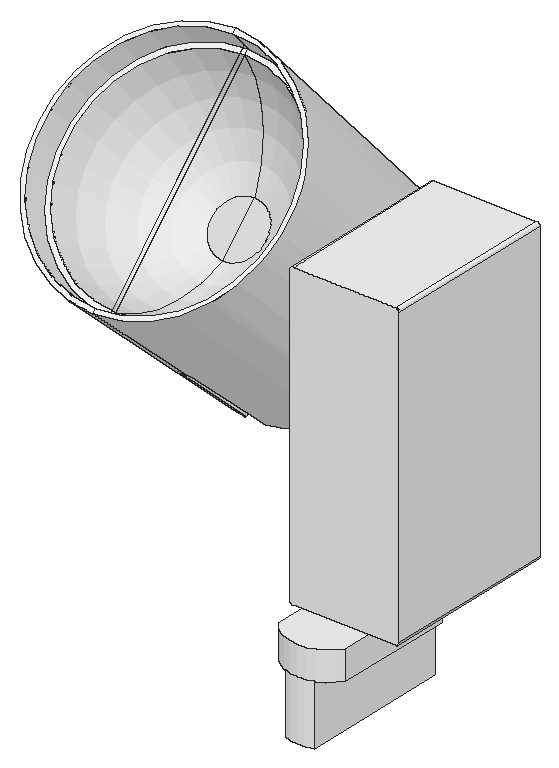
Revit family "0004868 Feilo Sylvania Lighting Fixture START TRACK SPOT L 55W 3K RA90 NB WHITE", category Lighting Fixtures, host Face, Revit 2017 (continued)
Definition of nested family "Start Track Spot Head"
  Types (96, lengths in mm): name | Wattage | built-in parameter 1150134 | Photometric Web File | Model | built-in parameter 1150105 | Lumens | built-in parameter 1150107 | built-in parameter 1150106 | HeadThickness_FEILO | HeadRibOffset_FEILO | HeadRibDepth_FEILO | HeadRibCutWidth_FEILO | HeadRibCutOffset_FEILO | HeadReflectorRadius_FEILO | HeadReflectorOffset_FEILO | HeadLEDRadius_FEILO | HeadHeight_FEILO | HeadDiffusorOffset_FEILO | HeadDiaOut_FEILO | HeadDiaIn_FEILO | HeadAxisFromTop_FEILO | Emit from Circle Diameter | built-in parameter 1150104 | Description | Apparent Load
    0004812 START TRACK SPOT S 14W 3K RA80 MB WHITE | 14 W | (empty or 0) | "0004812.ies" | "START TRACK SPOT S 14W 3K RA80 MB WHITE" | 120.32 (stored number, unit not read) | 1512 lm | 3000 (stored number, unit not read) | 1.2032 (stored number, unit not read) | 1.5 | 4.179 | 55.714 | 7.167 | 50.87 | 50.588 | 55.714 | 9.556 | 117 | 9.435 | 86 | 77.477 | 69.354 | 77.477 | 10.034 (stored number, unit not read) | "Integrated LED spotlight, Textured White - RAL9016, compact and minimalist design, ideal for retail applications, die-cast aluminium body, passive cooling heatsink. Beam angle: 36°, color temperature: 3000K , total system power: 14W, total fixture output: 1508 lm, LOR: 100%, colour rendering: Ra: 80 typical, LED Chromaticity: 3 step MacAdam ellipse, lifetime: >50000 hours at L70B50, energy class: A++, A+, A, IR/UV free light source without heat radiation, operating voltage: 220-240V / 50-60Hz, drive current: 350mA, electronic driver, non-dimmable, power factor: 0.92, electrical protection: Class II, Global Track 3 Phase adapter suitable for Global trac 3-circuit tracks, ingress protection rating: IP20, suitable for internal environment only, horizontal rotation: 355°, vertical tilt: 90°, dimensions: Ø86x140x200, weight: 0.940kg." | 14 VA
    0004811 START TRACK SPOT S 14W 3K RA80 NB WHITE | 14 W | (empty or 0) | "0004811.ies" | "START TRACK SPOT S 14W 3K RA80 NB WHITE" | 123.66 (stored number, unit not read) | 1554 lm | 3000 (stored number, unit not read) | 1.2366 (stored number, unit not read) | 1.5 | 4.179 | 55.714 | 7.167 | 50.87 | 50.588 | 55.714 | 9.556 | 117 | 9.435 | 86 | 77.477 | 69.354 | 77.477 | 10.312 (stored number, unit not read) | "Integrated LED spotlight, Textured White - RAL9016, compact and minimalist design, ideal for retail applications, die-cast aluminium body, passive cooling heatsink. Beam angle: 12°, color temperature: 3000K , total system power: 14W, total fixture output: 1551 lm, LOR: 100%, colour rendering: Ra: 80 typical, LED Chromaticity: 3 step MacAdam ellipse, lifetime: >50000 hours at L70B50, energy class: A++, A+, A, IR/UV free light source without heat radiation, operating voltage: 220-240V / 50-60Hz, drive current: 350mA, electronic driver, non-dimmable, power factor: 0.92, electrical protection: Class II, Global Track 3 Phase adapter suitable for Global trac 3-circuit tracks, ingress protection rating: IP20, suitable for internal environment only, horizontal rotation: 355°, vertical tilt: 90°, dimensions: Ø86x140x200, weight: 0.940kg." | 14 VA
  Reference planes
    plane 1 "Center (Front/Back)": y = 0
    plane 2: z = 0
    plane 3 "Center (Left/Right)": x = 0
    plane 4: x = 43
    plane 5: x = -43
    plane 6: x = -38.739
    plane 7: x = 38.739
    plane 8: z = 69.354
    plane 9: z = -47.646
    plane 10: x = -41.5
    plane 11: x = -37.239
    plane 12: z = -38.211
    plane 13: z = -35.211
    plane 14: z = 8.068
    plane 15: x = -9.556
    plane 16: x = -28.667
    plane 17: x = -19.111
    plane 18: x = -27.167
    plane 19: x = -17.611
    plane 20: x = -8.056
    plane 21: z = 13.64
    plane 22: x = -29.667
    plane 23: x = -26.167
    plane 24: x = -20.111
    plane 25: x = -16.611
    plane 26: x = -10.556
    plane 27: x = -7.056
    plane 28: x = -36.239
    plane 29: x = -40.5
    plane 30: z = 65.175
    plane 31: z = 60.997
    plane 32: z = 56.818
    plane 33: z = 18.484
    plane 34: y = -43
    plane 35: y = 43
    plane 36: y = 3.583
    plane 37: y = -3.583
    plane 38: y = -2.583
    plane 39: y = 2.583
    plane 40: y = 46
    plane 41: z = 13.5
    plane 42: z = -13.5
    plane 43: y = 39
    plane 44: x = 4.708
    plane 45: x = -2.458
    plane 46: x = -1.458
    plane 47: x = 1.458
  Forms (mm)
    Extrusion 1, solid
      sketch origin (4.2, 0, 0) x (1, 0, 0) y (0, 1, 0)
        loop
          line (-1219.2, 1219.2) -> (-1219.2, -1219.2) -> (1219.2, -1219.2) -> (1219.2, 1219.2) -> (-1219.2, 1219.2)
      from 0 to -68.017
    Revolve 2, solid, material <- "Material_1_FEILO", detail levels medium+fine
      sketch origin (0, 0, 0) x (1, 0, 0) y (0, 0, 1)
        loop
          line (-43, -47.646) -> (-41.5, -47.646) -> (-40.5, -35.211) -> (-38.739, -35.211)
          arc (-38.739, -35.211) -> (-30.16, -9.517) -> (-9.556, 8.068) r 50.588
          line (-9.556, 8.068) -> (0, 8.068) -> (0, 13.64) -> (-16.611, 13.64) -> (-17.611, 60.997) -> (-19.111, 60.997) -> (-20.111, 13.64) -> (-36.239, 13.64) -> (-37.239, 69.354) -> (-38.739, 69.354) -> (-43, -47.646)
        axis (0, 69.354) -> (0, -47.646)
      angle from 360 to 0
    Extrusion 3, void
      sketch origin (0, 0, 0) x (0, 1, 0) y (0, 0, 1)
        loop
          line (-3.583, 69.354) -> (-2.583, 18.484) -> (1.932, 18.484) -> (2.932, 69.354) -> (-3.583, 69.354)
      from 43 to -43
    Revolve 4, solid, material <- "Material_2_FEILO", detail levels medium+fine
      sketch origin (0, 0, 0) x (1, 0, 0) y (0, 0, 1)
        loop
          line (-41.5, -38.211) -> (0, -38.211) -> (0, -35.211) -> (-41.5, -35.211) -> (-41.5, -38.211)
        axis (0, -35.211) -> (0, -38.211)
      angle from 360 to 0
    Revolve 5, solid, material <- "Material_1_FEILO"
      sketch origin (0, 0, 0) x (0, 1, 0) y (0, 0, 1)
        loop
          line (46, 0) -> (39, 0) -> (39, -13.5) -> (46, -13.5) -> (46, 0)
        axis (39, 0) -> (46, 0)
      angle from 360 to 0
    Revolve 6, solid, material <- "Material_1_FEILO", detail levels medium+fine
      sketch origin (0, 0, 0) x (1, 0, 0) y (0, 0, 1)
        loop
          line (-29.667, 13.64) -> (-26.167, 13.64) -> (-27.167, 65.175) -> (-28.667, 65.175) -> (-29.667, 13.64)
        loop
          line (-10.556, 13.64) -> (-7.056, 13.64) -> (-7.833, 56.818) -> (-9.778, 56.818) -> (-10.556, 13.64)
        axis (0, 65.175) -> (0, 13.64)
      angle from 360 to 0
    Extrusion 7, void
      sketch origin (0, 0, 0) x (1, 0, 0) y (0, 0, 1)
        loop
          line (4.708, 69.354) -> (-2.458, 69.354) -> (-1.458, 13.64) -> (1.458, 13.64) -> (4.708, 69.354)
      from -43 to 43
    Revolve 8, solid, material <- "Material_1_FEILO", detail levels coarse
      sketch origin (0, 0, 0) x (1, 0, 0) y (0, 0, 1)
        loop
          line (0, 69.354) -> (-38.739, 69.354) -> (-43, -47.646) -> (-41.5, -47.646) -> (-40.731, -38.211) -> (0, -38.211) -> (0, 69.354)
        axis (0, 69.354) -> (0, -47.646)
      angle from 360 to 0
  Cuts and joins
    Extrusion 3 cuts Revolve 2
    Extrusion 7 cuts Revolve 6
  Dimensions and locks
    equal spacing: plane 7, plane 3 "Center (Left/Right)", plane 6
    equal spacing: plane 4, plane 3 "Center (Left/Right)", plane 5
    "HeadDiaOut_FEILO": plane 4 to plane 5
    "HeadDiaIn_FEILO": plane 7 to plane 6
    "HeadHeight_FEILO": plane 8 to plane 9
    "HeadThickness_FEILO": plane 10 to plane 5
    "HeadThickness_FEILO": plane 11 to plane 6
    "HeadDiffusorOffset_FEILO": plane 12 to plane 9
    "HeadDiffusorThickness_FEILO": plane 13 to plane 12
    "HeadReflectorOffset_FEILO": plane 14 to plane 9
    "HeadLEDRadius_FEILO": plane 3 "Center (Left/Right)" to plane 15
    "HeadLEDRadius_FEILO": plane 15 to plane 17
    "HeadLEDRadius_FEILO": plane 17 to plane 16
    "HeadThickness_FEILO": plane 18 to plane 16
    "HeadThickness_FEILO": plane 19 to plane 17
    "HeadThickness_FEILO": plane 20 to plane 15
    "HeadRibDepth_FEILO": plane 8 to plane 21
    "HeadDraft_FEILO": plane 16 to plane 22
    "HeadDraft_FEILO": plane 23 to plane 18
    "HeadDraft_FEILO": plane 17 to plane 24
    "HeadDraft_FEILO": plane 25 to plane 19
    "HeadDraft_FEILO": plane 15 to plane 26
    "HeadDraft_FEILO": plane 27 to plane 20
    "HeadDraft_FEILO": plane 29 to plane 10
    "HeadDraft_FEILO": plane 28 to plane 11
    "HeadRibOffset_FEILO": plane 8 to plane 30
    "HeadRibOffset_FEILO": plane 30 to plane 31
    "HeadRibOffset_FEILO": plane 31 to plane 32
    "HeadAxisFromTop_FEILO": plane 8 to plane 2
    "HeadRibCutOffset_FEILO": plane 8 to plane 33
    equal spacing: plane 34, plane 1 "Center (Front/Back)", plane 35
    "HeadDiaOut_FEILO": plane 34 to plane 35
    equal spacing: plane 38, plane 1 "Center (Front/Back)", plane 39
    equal spacing: plane 37, plane 1 "Center (Front/Back)", plane 36
    "HeadRibCutWidth_FEILO": plane 37 to plane 36
    "HeadDraft_FEILO": plane 37 to plane 38
    locked: plane 35 to plane 40 at 3
    equal spacing: plane 41, plane 2, plane 42
    locked: plane 42 to plane 41 at 27
    locked: plane 43 to plane 35 at 4
    equal spacing: plane 45, imposter light, plane 44
    "HeadDraft_FEILO": plane 46 to plane 45
    "HeadRibCutWidth_FEILO": plane 44 to plane 45
    equal spacing: plane 47, plane 3 "Center (Left/Right)", plane 46
    "HeadReflectorRadius_FEILO": radius of Revolve 2 sketch curve
    aligned and locked: plane 2 to Extrusion 1
    aligned and locked: level to Extrusion 1
    aligned and locked: Revolve 2 sketch curve to plane 3 "Center (Left/Right)"  (x2)
    aligned and locked: plane 9 to Revolve 2 sketch curve  (x2)
    aligned and locked: plane 5 to Revolve 2 sketch curve
    aligned and locked: plane 10 to Revolve 2 sketch curve
    aligned and locked: plane 14 to Revolve 2 sketch curve
    aligned and locked: plane 8 to Revolve 2 sketch curve
    aligned and locked: Revolve 2 sketch curve to plane 13
    aligned and locked: plane 12 to Revolve 4 sketch curve
    aligned and locked: plane 3 "Center (Left/Right)" to Revolve 4 sketch curve
    aligned and locked: Revolve 4 sketch curve to plane 10
    aligned and locked: Revolve 4 sketch curve to plane 3 "Center (Left/Right)"
    aligned and locked: plane 12 to imposter light
    aligned and locked: imposter light to plane 1 "Center (Front/Back)"
    aligned and locked: Revolve 5 sketch curve to plane 2
    aligned and locked: plane 43 to Revolve 5 sketch curve
    aligned and locked: plane 42 to Revolve 5 sketch curve
    aligned and locked: Revolve 6 sketch curve to plane 3 "Center (Left/Right)"
    aligned and locked: plane 22 to Revolve 6 sketch curve
    aligned and locked: plane 30 to Revolve 6 sketch curve
    aligned and locked: plane 23 to Revolve 6 sketch curve
    aligned and locked: Revolve 6 sketch curve to plane 21  (x2)
    aligned and locked: plane 21 to Revolve 6 sketch curve
    aligned and locked: plane 17 to Revolve 2 sketch curve
    aligned and locked: plane 19 to Revolve 2 sketch curve
    aligned and locked: plane 31 to Revolve 2 sketch curve
    aligned and locked: plane 21 to Revolve 2 sketch curve
    aligned and locked: Extrusion 3 to plane 8
    aligned and locked: plane 33 to Extrusion 3
    aligned and locked: plane 8 to Extrusion 3 sketch curve
    aligned and locked: Extrusion 3 sketch curve to plane 33
    aligned and locked: Extrusion 3 to plane 5
    aligned and locked: plane 4 to Extrusion 3
    aligned and locked: plane 32 to Revolve 6 sketch curve
    aligned and locked: plane 44 to Extrusion 7 sketch curve
    aligned and locked: Extrusion 7 sketch curve to plane 8
    aligned and locked: plane 46 to Extrusion 7 sketch curve
    aligned and locked: plane 21 to Extrusion 7 sketch curve
    aligned and locked: plane 34 to Extrusion 7
    aligned and locked: Extrusion 7 to plane 35
    aligned and locked: Revolve 4 sketch curve to plane 13
    aligned and locked: Revolve 5 sketch curve to plane 40
    aligned and locked: Revolve 8 sketch curve to plane 3 "Center (Left/Right)"
    aligned and locked: Revolve 8 sketch curve to cut or joined group of Revolve 2, Extrusion 3  (x3)
    aligned and locked: plane 5 to Revolve 8 sketch curve
    aligned and locked: plane 3 "Center (Left/Right)" to Revolve 8 sketch curve
    aligned and locked: plane 12 to Revolve 8 sketch curve
  Automatic sketch dimensions
    Extrusion 1 sketch curve to Extrusion 1 sketch curve = 2438.4 mm  (x2)
    Extrusion 3 sketch curve to plane 37 = 0 mm
    Extrusion 3 sketch curve to plane 38 = 0 mm
    plane 39 to Extrusion 3 sketch curve = 0.651 mm
    Extrusion 3 sketch curve to plane 39 = 0.349 mm
    Revolve 6 sketch curve to plane 16 = 0 mm
    Revolve 6 sketch curve to plane 18 = 0 mm
    Revolve 6 sketch curve to plane 26 = 0 mm
    Revolve 6 sketch curve to plane 27 = 0 mm
    Revolve 6 sketch curve to plane 15 = 0.222 mm
    plane 9 to Revolve 6 sketch curve = 559.103 mm
    Revolve 6 sketch curve to plane 8 = 2535.555 mm
    plane 20 to Revolve 6 sketch curve = 0.222 mm
    Revolve 2 sketch curve to plane 29 = 0 mm
    Revolve 2 sketch curve to plane 6 = 0 mm  (x2)
    Revolve 2 sketch curve to plane 11 = 0 mm
    Revolve 2 sketch curve to plane 21 = 0 mm
    Revolve 2 sketch curve to plane 28 = 0 mm
    Revolve 2 sketch curve to plane 24 = 0 mm
    Revolve 2 sketch curve to plane 25 = 0 mm
    Revolve 2 sketch curve to plane 15 = 0 mm
    Revolve 2 sketch curve to Revolve 2 sketch curve = 557.155 mm
    Revolve 2 sketch curve to plane 8 = 2535.558 mm
    Extrusion 7 sketch curve to plane 45 = 0 mm
    Extrusion 7 sketch curve to plane 47 = 0 mm
    plane 9 to Revolve 4 sketch curve = 559.103 mm
    Revolve 4 sketch curve to plane 8 = 2535.555 mm
    Revolve 5 sketch curve to level = 0 mm
    plane 34 to Revolve 5 sketch curve = 1968.092 mm
    Revolve 5 sketch curve to plane 40 = 1405.763 mm
    Revolve 8 sketch curve to plane 6 = 0 mm
    Revolve 8 sketch curve to plane 29 = 0.231 mm
    plane 9 to Revolve 8 sketch curve = 559.103 mm
    Revolve 8 sketch curve to Revolve 8 sketch curve = 2535.555 mm
Definition of nested family "Start Track Spot Box"
  Parameters (values of type "Type Large White")
    URL = "http://www.feilosylvania.com"
    Type Image = (empty or 0)
    Type Comments = "n/a"
    Small_FEILO = no
    Material_3_FEILO = none
    Model = ""
    Manufacturer = "Feilo Sylvania"
    Keynote = ""
    Material_2_FEILO = none
    Description = ""
    Default Elevation = 1219.2 mm
    Cost = 0
    Material_1_FEILO = none
    BoxWidth_FEILO = 49 mm
    BoxStartAngle_FEILO [instance] = 0.00°
    BoxRadius_FEILO = 1.5 mm
    BoxHeight_FEILO = if(Small_FEILO, 112 mm, 136 mm)  # 136 mm
    BoxEndAngle_FEILO [instance] = BoxStartAngle_FEILO - 180.00°  # -180.00°
    BoxDepth_FEILO = if(Small_FEILO, 71.5 mm, 79 mm)  # 79 mm
    BoxAxisVerticalOffset_FEILO = 16 mm
    BoxAxisOffset_FEILO = BoxHeight_FEILO / 6.8  # 20 mm
    Assembly Code = ""
    Material_4_FEILO = none
  Types (4, lengths in mm): name | Small_FEILO | BoxHeight_FEILO | BoxDepth_FEILO | BoxAxisOffset_FEILO
    Type Large White | no | 136 | 79 | 20
    Type Small White | yes | 112 | 71.5 | 16.471
    Type Small Black | yes | 112 | 71.5 | 16.471
    Type Large Black | no | 136 | 79 | 20
  Reference planes
    plane 1 "Center (Front/Back)": y = 0
    plane 2: z = 0
    plane 3 "Center (Left/Right)": x = 0
    plane 4: x = 24.5
    plane 5: x = -24.5
    plane 6: y = 68
    plane 7: y = -68
    plane 8: z = 39.5
    plane 9: z = -39.5
    plane 10: y = -48
    plane 11: x = 30.5
    plane 12: x = 8.5
    plane 13: x = 21.5
    plane 14: y = 70
    plane 15: y = 72
    plane 16: x = 19.5
  Forms (mm)
    Extrusion 1, solid
      sketch origin (4.2, 0, 0) x (1, 0, 0) y (0, 1, 0)
        loop
          line (-1219.2, 1219.2) -> (-1219.2, -1219.2) -> (1219.2, -1219.2) -> (1219.2, 1219.2) -> (-1219.2, 1219.2)
      from 0 to -68.017
    Extrusion 2, solid, material <- "Material_1_FEILO"
      sketch origin (0, 0, 0) x (1, 0, 0) y (0, 1, 0)
        loop
          arc (-23, 68) -> (-24.061, 67.561) -> (-24.5, 66.5) r 1.5
          line (-24.5, 66.5) -> (-24.5, -66.5)
          arc (-24.5, -66.5) -> (-24.061, -67.561) -> (-23, -68) r 1.5
          line (-23, -68) -> (23, -68)
          arc (23, -68) -> (24.061, -67.561) -> (24.5, -66.5) r 1.5
          line (24.5, -66.5) -> (24.5, 66.5)
          arc (24.5, 66.5) -> (24.061, 67.561) -> (23, 68) r 1.5
          line (23, 68) -> (-23, 68)
      from -39.5 to 39.5
    Revolve 3, solid, not visible
      sketch origin (0, 0, 0) x (1, 0, 0) y (0, 1, 0)
        loop
          line (30.5, -48) -> (24.5, -48) -> (24.5, -68) -> (30.5, -68) -> (30.5, -48)
        axis (30.5, -48) -> (24.5, -48)
      angle from 0 <- "BoxStartAngle_FEILO" to -180 <- "BoxEndAngle_FEILO"
    Revolve 4, solid, material <- "Material_2_FEILO"
      sketch origin (0, 0, 0) x (1, 0, 0) y (0, 1, 0)
        loop
          line (8.5, 68) -> (19.5, 68) -> (19.5, 70) -> (21.5, 70) -> (21.5, 72) -> (8.5, 72) -> (8.5, 68)
        axis (8.5, 72) -> (8.5, 68)
      angle from 360 to 0
  Dimensions and locks
    equal spacing: plane 5, plane 3 "Center (Left/Right)", plane 4
    "BoxWidth_FEILO": plane 5 to plane 4
    equal spacing: plane 7, plane 1 "Center (Front/Back)", plane 6
    "BoxHeight_FEILO": plane 7 to plane 6
    equal spacing: plane 8, plane 2, plane 9
    "BoxDepth_FEILO": plane 8 to plane 9
    "BoxAxisOffset_FEILO": plane 7 to plane 10
    locked: plane 4 to plane 11 at 6
    "BoxAxisVerticalOffset_FEILO": plane 12 to plane 4
    locked: plane 12 to plane 13 at 13
    plane 6 to plane 14 to plane 15 = 2 mm locked, 2 mm locked
    locked: plane 12 to plane 16 at 11
    "BoxRadius_FEILO": radius of Extrusion 2 sketch curve  (x4)
    aligned and locked: plane 2 to Extrusion 1
    aligned and locked: level to Extrusion 1
    aligned and locked: plane 6 to Extrusion 2 sketch curve
    aligned and locked: plane 5 to Extrusion 2 sketch curve
    aligned and locked: Extrusion 2 sketch curve to plane 7
    aligned and locked: Extrusion 2 sketch curve to plane 4
    aligned and locked: Extrusion 2 to plane 8
    aligned and locked: plane 9 to Extrusion 2
    aligned and locked: Revolve 3 sketch curve to plane 10  (x2)
    aligned and locked: plane 11 to Revolve 3 sketch curve
    aligned and locked: Revolve 3 sketch curve to plane 4
    aligned and locked: plane 7 to Revolve 3 sketch curve
    aligned and locked: Revolve 4 sketch curve to plane 12
    aligned and locked: plane 6 to Revolve 4 sketch curve
    aligned and locked: plane 12 to Revolve 4 sketch curve
    aligned and locked: plane 15 to Revolve 4 sketch curve
    aligned and locked: Revolve 4 sketch curve to plane 13
    aligned and locked: Revolve 4 sketch curve to plane 14
    aligned and locked: Revolve 4 sketch curve to plane 16
    aligned and locked: Revolve 4 sketch curve to plane 6
  Automatic sketch dimensions
    Extrusion 1 sketch curve to Extrusion 1 sketch curve = 2438.4 mm  (x2)
    Revolve 3 sketch curve to plane 5 = 1499.5 mm
    plane 11 to Revolve 3 sketch curve = 1493.5 mm
    plane 15 to Revolve 4 sketch curve = 0 mm
    plane 7 to Revolve 4 sketch curve = 1456 mm
    Revolve 4 sketch curve to plane 15 = 1452 mm
